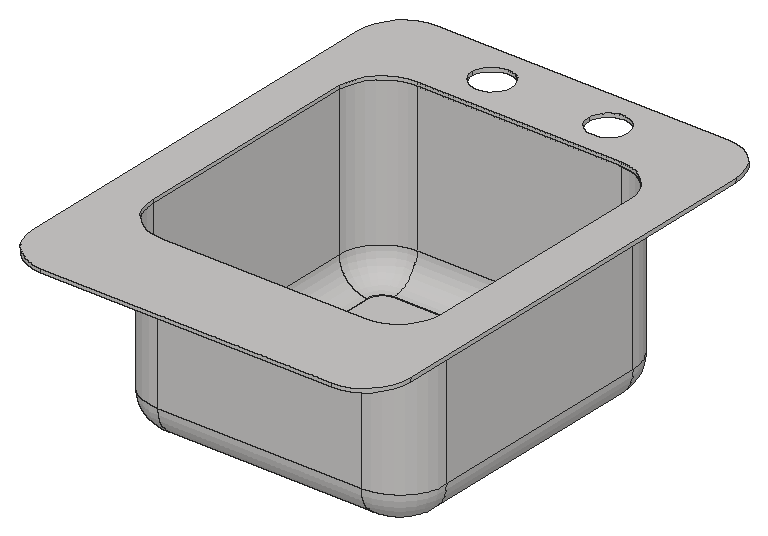
Revit family "QF_Vollrath_1734-C", category Specialty Equipment, Revit 2016
Family settings
  Part Type = Normal
  Round Connector Dimension = Use Diameter
  OmniClass Number = 23.40.40.14.31
  OmniClass Title = Cleaning and Disposal Equipment
  Work Plane-Based = Yes
  Always vertical = Yes
  Cut with Voids When Loaded = No
  Shared = No
  Room Calculation Point = No
Parameters
  Width = 1' - 1"
  Weight in Pounds = 0
  Watermarked By = "http://revitwatermark.com"
  URL Cutsheet = ""
  Status [instance] = ""
  Specification by User [instance] = ""
  Specification by Manufacturer [instance] = ""
  Sink Width = 0' - 10"
  Sink Depth = 0' - 11"
  Sink Basin Depth = 0' - 6 3/16"
  Serial Number [instance] = ""
  Seismic Rating [instance] = ""
  SMACNA No [instance] = ""
  Revision Code [instance] = ""
  NAFEM Spec ID Number [instance] = ""
  Model = "1734-C"
  Masterspec [instance] = ""
  Manufacturer = "Vollrath"
  Item Number [instance] = "-"
  Installed By [instance] = ""
  Indirect Waste Size = 2"
  Indirect Waste Flow [instance] = 0.00 GPM
  Indirect Waste Connection Type [instance] = ""
  Indirect Waste Connection Height [instance] = 0' - 0"
  Furnished By [instance] = ""
  Foodservice Equipment Identifier [instance] = yes
  Description = "Bar Sink"  # constant formula
  Depth = 1' - 5"
  Default Elevation = 4' - 0"
  CSI MasterFormat = ""
Reference planes (in)
  plane 1 "BACK": y = 0
  plane 2 "BOTTOM": z = 0
  plane 3 "LEFT": x = 0
  plane 4 "RIGHT": x = 13
  plane 5 "FRONT": y = -17
  plane 6: x = 6.5
  plane 7 "CENTER 1": y = -8.21875
  plane 8: y = -2
  plane 9: y = -2.71875
  plane 10: y = -13.71875
  plane 11: x = 1.5
  plane 12: x = 11.5
  plane 13 "Sink Bottom": z = -6.1875
  plane 14 "CENTER 2": x = 4.5
  plane 15 "CENTER 3": x = 8.5
Forms (in)
  Sweep 1, solid, material "QF_Finishes_Stainless Steel"
    path origin (0, 0, 0) x (1, 0, 0) y (0, 1, 0)
      loop
        arc (3, -2.71875) -> (1.93934, -3.15809) -> (1.5, -4.21875) r 1.5
        line (1.5, -4.21875) -> (1.5, -12.21875)
        arc (1.5, -12.21875) -> (1.93934, -13.27941) -> (3, -13.71875) r 1.5
        line (3, -13.71875) -> (10, -13.71875)
        arc (10, -13.71875) -> (11.06066, -13.27941) -> (11.5, -12.21875) r 1.5
        line (11.5, -12.21875) -> (11.5, -4.21875)
        arc (11.5, -4.21875) -> (11.06066, -3.15809) -> (10, -2.71875) r 1.5
        line (10, -2.71875) -> (3, -2.71875)
    profile origin (6.5, -2.71875, 0) x (0, 1, 0) y (0, 0, 1)
      loop
        line (0, 0) -> (0, -5.0625)
        arc (0, -5.0625) -> (-0.29289, -5.76961) -> (-1, -6.0625) r 1
        line (-1, -6.0625) -> (-1, -6.1875)
        arc (-1, -6.1875) -> (-0.2045, -5.858) -> (0.125, -5.0625) r 1.125
        line (0.125, -5.0625) -> (0.125, 0) -> (0, 0)
  Extrusion 2, solid, material "QF_Finishes_Stainless Steel"
    sketch origin (0, 0, -6.1875) x (-1, 0, 0) y (0, -1, 0)
      loop
        line (-10, 3.71875) -> (-3, 3.71875)
        arc (-3, 3.71875) -> (-2.64645, 3.8652) -> (-2.5, 4.21875) r 0.5
        line (-2.5, 4.21875) -> (-2.5, 12.21875)
        arc (-2.5, 12.21875) -> (-2.64645, 12.5723) -> (-3, 12.71875) r 0.5
        line (-3, 12.71875) -> (-10, 12.71875)
        arc (-10, 12.71875) -> (-10.35355, 12.5723) -> (-10.5, 12.21875) r 0.5
        line (-10.5, 12.21875) -> (-10.5, 4.21875)
        arc (-10.5, 4.21875) -> (-10.35355, 3.8652) -> (-10, 3.71875) r 0.5
      loop
        circle (-6.5, 8.21875) r 1.75
    from 0 to 0.125
  Extrusion 3, solid, material "QF_Finishes_Stainless Steel"
    sketch origin (0, 0, 0) x (1, 0, 0) y (0, 1, 0)
      loop
        arc (1.5, -12.21875) -> (1.93934, -13.27941) -> (3, -13.71875) r 1.5
        line (3, -13.71875) -> (10, -13.71875)
        arc (10, -13.71875) -> (11.06066, -13.27941) -> (11.5, -12.21875) r 1.5
        line (11.5, -12.21875) -> (11.5, -4.21875)
        arc (11.5, -4.21875) -> (11.06066, -3.15809) -> (10, -2.71875) r 1.5
        line (10, -2.71875) -> (3, -2.71875)
        arc (3, -2.71875) -> (1.93934, -3.15809) -> (1.5, -4.21875) r 1.5
        line (1.5, -4.21875) -> (1.5, -12.21875)
      loop
        circle (8.5, -1.37133) r 0.6875
      loop
        circle (4.5, -1.37133) r 0.6875
      loop
        line (1.5, -17) -> (11.5, -17)
        arc (11.5, -17) -> (12.56066, -16.56066) -> (13, -15.5) r 1.5
        line (13, -15.5) -> (13, -1.5)
        arc (13, -1.5) -> (12.56066, -0.43934) -> (11.5, 0) r 1.5
        line (11.5, 0) -> (1.5, 0)
        arc (1.5, 0) -> (0.43934, -0.43934) -> (0, -1.5) r 1.5
        line (0, -1.5) -> (0, -15.5)
        arc (0, -15.5) -> (0.43934, -16.56066) -> (1.5, -17) r 1.5
    from 0 to 0.125
Lines and regions (in)
  symbolic lines
    curve 1: line (11.5, 0, 0) -> (1.5, 0, 0)
    curve 2: arc (1.5, 0, 0) -> (0.43934, -0.43934, 0) -> (0, -1.5, 0) r 1.5
    curve 3: line (0, -1.5, 0) -> (0, -15.5, 0)
    curve 4: arc (0, -15.5, 0) -> (0.43934, -16.56066, 0) -> (1.5, -17, 0) r 1.5
    curve 5: line (1.5, -17, 0) -> (11.5, -17, 0)
    curve 6: arc (11.5, -17, 0) -> (12.56066, -16.56066, 0) -> (13, -15.5, 0) r 1.5
    curve 7: line (13, -15.5, 0) -> (13, -1.5, 0)
    curve 8: arc (13, -1.5, 0) -> (12.56066, -0.43934, 0) -> (11.5, 0, 0) r 1.5
  symbolic lines, style "QF_Surface Details"
    curve 9: arc (5.1875, -1.37133, 0) -> (4.5, -2.05883, 0) -> (3.8125, -1.37133, 0) r 0.6875
    curve 10: arc (3.8125, -1.37133, 0) -> (4.5, -0.68383, 0) -> (5.1875, -1.37133, 0) r 0.6875
    curve 11: arc (9.1875, -1.37133, 0) -> (8.5, -2.05883, 0) -> (7.8125, -1.37133, 0) r 0.6875
    curve 12: arc (7.8125, -1.37133, 0) -> (8.5, -0.68383, 0) -> (9.1875, -1.37133, 0) r 0.6875
    curve 13: line (3, -2.71875, 0) -> (10, -2.71875, 0)
    curve 14: arc (1.5, -4.21875, 0) -> (1.93934, -3.15809, 0) -> (3, -2.71875, 0) r 1.5
    curve 15: line (1.5, -12.21875, 0) -> (1.5, -4.21875, 0)
    curve 16: arc (3, -13.71875, 0) -> (1.93934, -13.27941, 0) -> (1.5, -12.21875, 0) r 1.5
    curve 17: line (10, -13.71875, 0) -> (3, -13.71875, 0)
    curve 18: arc (11.5, -12.21875, 0) -> (11.06066, -13.27941, 0) -> (10, -13.71875, 0) r 1.5
    curve 19: line (11.5, -4.21875, 0) -> (11.5, -12.21875, 0)
    curve 20: arc (10, -2.71875, 0) -> (11.06066, -3.15809, 0) -> (11.5, -4.21875, 0) r 1.5
    curve 21: circle (6.5, -8.21875, 0) r 1.75 normal (0, 0, 1)
Dimensions and locks (in)
  "Width": plane 3 "LEFT" to plane 4 "RIGHT"
  "Depth": plane 5 "FRONT" to plane 1 "BACK"
  locked: plane 8 to plane 1 "BACK" at 2
  equal spacing: plane 9, plane 7 "CENTER 1", plane 10
  "Sink Depth": plane 9 to plane 10
  equal spacing: plane 3 "LEFT", plane 6, plane 4 "RIGHT"
  equal spacing: plane 11, plane 6, plane 12
  "Sink Width": plane 11 to plane 12
  "Sink Basin Depth": level to plane 13 "Sink Bottom"
  level to Sweep 1 sketch curve = 0' - 0"
  locked: Sweep 1 sketch curve to plane 9 at 0.125
  locked: plane 13 "Sink Bottom" to Sweep 1 sketch curve at 0.125
  plane 11 to plane 12 = 0' - 10"
  plane 9 to plane 10 = 0' - 11"
  locked: plane 8 to plane 9 at 0.71875
  Extrusion 3 sketch curve to Extrusion 3 sketch curve = 0' - 4"
  aligned and locked: level to plane 2 "BOTTOM"
  aligned and locked: Sweep 1 sketch curve to plane 9
  aligned and locked: plane 11 to Sweep 1 sketch curve
  aligned and locked: plane 10 to Sweep 1 sketch curve
  aligned and locked: Sweep 1 sketch curve to plane 12
  aligned and locked: plane 13 "Sink Bottom" to Sweep 1 sketch curve
  aligned and locked: Extrusion 2 sketch curve to Sweep 1  (x4)
  aligned and locked: Extrusion 3 sketch curve to Sweep 1  (x4)
  aligned and locked: Extrusion 3 sketch curve to plane 3 "LEFT"
  aligned and locked: plane 5 "FRONT" to Extrusion 3 sketch curve
  aligned and locked: plane 4 "RIGHT" to Extrusion 3 sketch curve
  aligned and locked: Extrusion 3 sketch curve to plane 1 "BACK"
Automatic sketch dimensions
  plane 11 to Sweep 1 sketch curve = 0' - 1 1/2"  (x2)
  Sweep 1 sketch curve to plane 12 = 0' - 1 1/2"
  Sweep 1 sketch curve to plane 9 = 0' - 1 1/2"
  Sweep 1 sketch curve to Sweep 1 sketch curve = 0' - 1"
  Extrusion 2 sketch curve to plane 7 "CENTER 1" = 0' - 0"
  Extrusion 2 sketch curve to Extrusion 2 sketch curve = 0' - 0 1/2"  (x4)
  Extrusion 3 sketch curve to plane 11 = 0' - 0"  (x2)
  Extrusion 3 sketch curve to plane 14 "CENTER 2" = 0' - 0"
  Extrusion 3 sketch curve to plane 12 = 0' - 0"  (x2)
  plane 11 to Extrusion 3 sketch curve = 0' - 1 1/2"  (x2)
  Extrusion 3 sketch curve to plane 12 = 0' - 1 1/2"  (x2)
  plane 8 to Extrusion 3 sketch curve = 0' - 0.62867"  (x2)
  Sweep 1 sketch curve to Sweep 1 sketch curve = 0' - 0"
  Extrusion 2 sketch curve to plane 15 "CENTER 3" = 0' - 2"
  curve 3 to plane 3 "LEFT" = 0' - 0"
  curve 4 to plane 11 = 0' - 0"
  plane 1 "BACK" to curve 2 = 0' - 0"
  curve 2 to plane 11 = 0' - 0"
  curve 14 to plane 11 = 0' - 0"
  curve 17 to plane 10 = 0' - 0"
  curve 13 to plane 9 = 0' - 0"
  curve 10 to plane 14 "CENTER 2" = 0' - 0"
  curve 21 to plane 6 = 0' - 0"
  curve 12 to plane 15 "CENTER 3" = 0' - 0"
  curve 18 to plane 12 = 0' - 0"
  curve 8 to plane 12 = 0' - 0"
  plane 5 "FRONT" to curve 6 = 0' - 0"
  curve 6 to plane 12 = 0' - 0"
  curve 6 to plane 4 "RIGHT" = 0' - 0"
  curve 21 to plane 7 "CENTER 1" = 0' - 0"
  curve 16 to curve 16 = 0' - 1 1/2"
  plane 11 to curve 13 = 0' - 1 1/2"
  curve 10 to plane 14 "CENTER 2" = 0' - 0 11/16"
  curve 11 to plane 15 "CENTER 3" = 0' - 0 11/16"
  curve 13 to plane 12 = 0' - 1 1/2"
  curve 18 to curve 19 = 0' - 1 1/2"
  plane 8 to curve 12 = 0' - 0.62867"
  plane 8 to curve 10 = 0' - 0.62867"
  radius of Extrusion 2 sketch curve = 0' - 1 3/4"
  radius of Extrusion 3 sketch curve = 0' - 0 11/16"  (x2)
  radius of curve 21 = 0' - 1 3/4"
Connectors (in)
  piping at (6.5, -8.21875, -6.1875), diameter 2, driven by "Indirect Waste Flow"
    settings: on Extrusion 2, index 1, connector inside diameter 2", connector length 0' - 0", flow factor 0, pipe flow 0.00 GPM, pressure drop 0.00 psi, fitting loss kfactor 0, connector angle 0.00°, fixture units 0, engagement length 0' - 0", angle of deflection 0.00°, flow configuration 1, flow direction 2, fitting loss method 0, system type 16, joint type 0, gender type 0, connector reference index -1, connector utility 0, adjustable connector no, is connector primary yes, connector description "IW"
